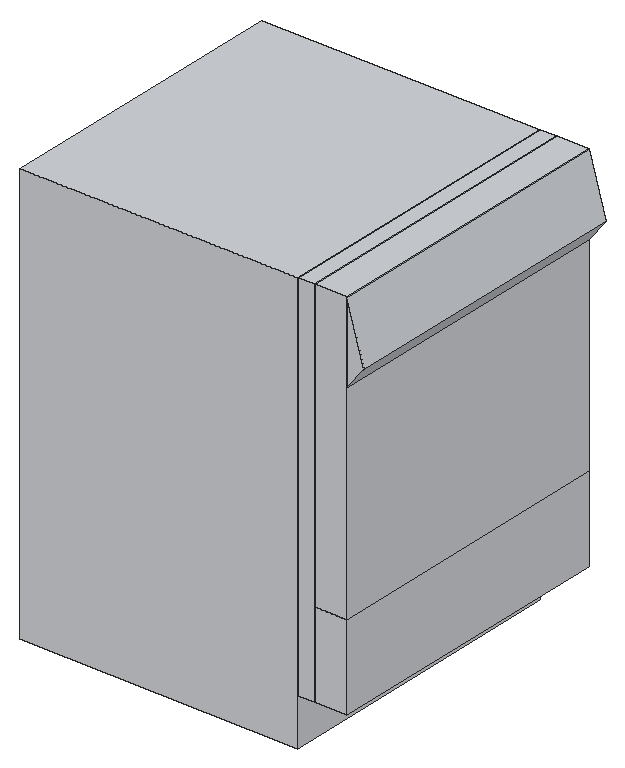
Revit family "M_Lavadora de louças", category Peças hidrossanitárias, Revit 2019
Family settings
  Cota do conector redondo = Usar raio
  Tipo de parte = Normal
  Número OmniClass = 23.45.30.11.11
  Título OmniClass = Residential Dishwashers
  ID de item do Seek = Dishwasher-0000-CAN-ENU
  Com base no plano de trabalho = Não
  Sempre na vertical = Sim
  Corte com vazios quando carregada = Não
  Compartilhado = Não
  Ponto de cálculo do ambiente = Não
Parameters (values of type "660 mmx610 mm")
  Raio do sanitário = 25 mm
  Diâmetro do sanitário = Raio do sanitário * 2  # 50 mm
  WFU = 2
  Voltagem = 120 V
  Largura total = 610 mm
  Comprimento total = 660 mm
  Altura total = 850 mm
  Número de pólos = 1
  Classificação de carga = Eletrodoméstico - Unidade de interrupção
  Raio da água quente = 7.5 mm
  Diâmetro da água quente = Raio da água quente * 2  # 15 mm
  HWFU = 1.4
  HP = "0.5"
  Pressão do fluxo [instance] = 55158.0 Pa
  Material da lavadora de louças = none
  Raio da água gelada = 7.5 mm
  Diâmetro da água gelada = Raio da água gelada * 2  # 15 mm
  CWFU = 0
  Carga aparente = 1090 VA
Reference planes
  plane 1 "Centro (Frente/Trás)": y = 0
  plane 2: z = 0
  plane 3 "Centro (Esquerda/Direita)": x = 0
  plane 4: y = 305
  plane 5: y = -305
  plane 6: x = 560.781
  plane 7: z = 850
  plane 8: z = 95.25
  plane 9: x = 594.119
  plane 10: x = 660
  plane 11: x = 693.338
  plane 12: z = 729.35
  plane 13: z = 685.694
  plane 14: z = 304.8
  plane 15: z = 101.6
  plane 16: y = -200.225
  plane 17: y = -0.2
  plane 18: y = -104.975
  plane 19: y = 98.225
  plane 20: z = 267.494
Forms (mm)
  Extrusion 1, solid, material <- "Material da lavadora de louças"
    sketch origin (0, 0, 0) x (1, 0, 0) y (0, 1, 0)
      loop
        line (0, 305) -> (0, -305) -> (560.781, -305) -> (560.781, 305) -> (0, 305)
    from 0 to 850
  Extrusion 2, solid, material <- "Material da lavadora de louças"
    sketch origin (0, 0, 0) x (1, 0, 0) y (0, 0, 1)
      loop
        line (560.781, 850) -> (560.781, 95.25) -> (594.119, 95.25) -> (594.119, 850) -> (560.781, 850)
    from -305 to 305
  Extrusion 3, solid, material <- "Material da lavadora de louças"
    sketch origin (0, 0, 0) x (1, 0, 0) y (0, 0, 1)
      loop
        line (594.119, 850) -> (594.119, 267.494) -> (660, 267.494) -> (660, 850) -> (594.119, 850)
    from -305 to 305
  Extrusion 4, solid, material <- "Material da lavadora de louças"
    sketch origin (5.95, 0, 0) x (1, 0, 0) y (0, 0, 1)
      loop
        line (654.05, 850) -> (654.05, 685.694) -> (687.388, 729.35) -> (654.05, 850)
    from -305 to 305
  Extrusion 5, solid, material <- "Material da lavadora de louças"
    sketch origin (0, 0, 0) x (0, 1, 0) y (0, 0, 1)
      loop
        circle (-200.225, 101.6) r 50.8
      loop
        circle (-0.2, 101.6) r 50.8
      loop
        circle (-104.975, 304.8) r 50.8
      loop
        circle (98.225, 304.8) r 50.8
    from 0 to 81.632
  Extrusion 6, solid, material <- "Material da lavadora de louças"
    sketch origin (0, 0, 0) x (1, 0, 0) y (0, 0, 1)
      loop
        line (594.119, 267.494) -> (594.119, 95.25) -> (660, 95.25) -> (660, 267.494) -> (594.119, 267.494)
    from -305 to 305
Cuts and joins
  joined: Extrusion 1, Extrusion 5
Dimensions and locks
  equal spacing: plane 4, plane 1 "Centro (Frente/Trás)", plane 5
  "Largura total": plane 4 to plane 5
  "Altura total": plane 7 to plane 2
  locked: plane 9 to plane 6 at 33.337
  "Comprimento total": plane 10 to plane 3 "Centro (Esquerda/Direita)"
  locked: plane 11 to plane 10 at 33.337
  locked: plane 7 to plane 12 at 120.65
  locked: plane 7 to plane 13 at 164.306
  locked: plane 14 to plane 2 at 304.8
  locked: plane 15 to plane 2 at 101.6
  locked: plane 16 to plane 5 at 104.775
  locked: plane 17 to plane 16 at 200.025
  locked: plane 18 to plane 5 at 200.025
  locked: plane 19 to plane 18 at 203.2
  "Comprimento total": plane 3 "Centro (Esquerda/Direita)" to plane 10
  locked: plane 6 to plane 10 at 99.219
  locked: plane 8 to plane 2 at 95.25
  locked: plane 20 to plane 8 at 172.244
  aligned and locked: plane 7 to Extrusion 1
  aligned and locked: Extrusion 1 to plane 2
  aligned and locked: Extrusion 1 to plane 3 "Centro (Esquerda/Direita)"  (x2)
  aligned and locked: plane 6 to Extrusion 1  (x2)
  aligned and locked: plane 4 to Extrusion 1
  aligned and locked: Extrusion 1 to plane 5
  aligned and locked: plane 7 to Extrusion 2
  aligned and locked: Extrusion 2 to plane 8  (x2)
  aligned and locked: Extrusion 2 to plane 6  (x2)
  aligned and locked: plane 9 to Extrusion 2  (x2)
  aligned and locked: plane 4 to Extrusion 2
  aligned and locked: Extrusion 2 to plane 5
  aligned and locked: plane 7 to Extrusion 3
  aligned and locked: Extrusion 3 to plane 9  (x2)
  aligned and locked: plane 4 to Extrusion 3
  aligned and locked: Extrusion 3 to plane 5
  aligned and locked: plane 10 to Extrusion 3
  aligned and locked: Extrusion 4 to plane 10  (x2)
  aligned and locked: plane 11 to Extrusion 4
  aligned and locked: plane 4 to Extrusion 4
  aligned and locked: Extrusion 4 to plane 5
  aligned and locked: plane 14 to Extrusion 5 sketch curve  (x2)
  aligned and locked: plane 18 to Extrusion 5 sketch curve
  aligned and locked: plane 19 to Extrusion 5 sketch curve
  aligned and locked: plane 15 to Extrusion 5 sketch curve  (x2)
  aligned and locked: plane 17 to Extrusion 5 sketch curve
  aligned and locked: plane 16 to Extrusion 5 sketch curve
  aligned and locked: Extrusion 3 to plane 20
  aligned and locked: plane 20 to Extrusion 6
  aligned and locked: Extrusion 6 to plane 8
  aligned and locked: plane 4 to Extrusion 6
  aligned and locked: Extrusion 6 to plane 5
Automatic sketch dimensions
  Extrusion 1 sketch curve to plane 3 "Centro (Esquerda/Direita)" = 0 mm
  Extrusion 1 sketch curve to plane 5 = 0 mm
  Extrusion 1 sketch curve to plane 6 = 0 mm
  Extrusion 1 sketch curve to plane 4 = 0 mm
  Extrusion 2 sketch curve to plane 6 = 0 mm
  Extrusion 2 sketch curve to plane 8 = 0 mm
  Extrusion 2 sketch curve to plane 9 = 0 mm
  Extrusion 2 sketch curve to plane 7 = 0 mm
  plane 8 to Extrusion 3 sketch curve = 172.244 mm
  Extrusion 3 sketch curve to plane 9 = 0 mm
  Extrusion 3 sketch curve to plane 7 = 0 mm
  plane 10 to Extrusion 3 sketch curve = 0 mm
  plane 7 to Extrusion 4 sketch curve = 0 mm
  Extrusion 4 sketch curve to plane 10 = 0 mm
  Extrusion 4 sketch curve to plane 11 = 0 mm
  Extrusion 4 sketch curve to plane 13 = 0 mm
  Extrusion 4 sketch curve to plane 12 = 0 mm
  Extrusion 6 sketch curve to plane 8 = 0 mm
  Extrusion 6 sketch curve to plane 9 = 0 mm
  Extrusion 6 sketch curve to plane 10 = 0 mm
  Extrusion 6 sketch curve to plane 20 = 0 mm
  radius of Extrusion 5 sketch curve = 50.8 mm  (x4)
Connectors
  piping at (0, 98.225, 304.8), diameter 15, driven by "CWFU", driven by "Raio da água gelada", driven by "Pressão do fluxo"
    settings: on Extrusion 5, index 1, connector inside diameter 15 mm, connector length 0 mm, flow factor 0, pipe flow 0.0 L/s, pressure drop 55158.0 Pa, fitting loss kfactor 0, connector angle 0.00°, fixture units 0, engagement length 0 mm, angle of deflection 0.00°, flow configuration 3, flow direction 1, fitting loss method 4, system type 20, joint type 0, gender type 0, connector reference index -1, connector utility 0, adjustable connector no, is connector primary yes, connector description "In"
  piping at (0, -104.975, 304.8), diameter 15, driven by "Raio da água quente", driven by "Pressão do fluxo", driven by "HWFU"
    settings: on Extrusion 5, index 2, connector inside diameter 15 mm, connector length 0 mm, flow factor 0, pipe flow 0.0 L/s, pressure drop 55158.0 Pa, fitting loss kfactor 0, connector angle 0.00°, fixture units 1.4, engagement length 0 mm, angle of deflection 0.00°, flow configuration 3, flow direction 1, fitting loss method 4, system type 19, joint type 0, gender type 0, connector reference index -1, connector utility 0, adjustable connector no, is connector primary no, connector description "In"
  piping at (0, -0.2, 101.6), diameter 50, driven by "WFU", driven by "Raio do sanitário"
    settings: on Extrusion 5, index 3, connector inside diameter 50 mm, connector length 0 mm, flow factor 0, pipe flow 0.0 L/s, pressure drop 0.0 Pa, fitting loss kfactor 0, connector angle 0.00°, fixture units 2, engagement length 0 mm, angle of deflection 0.00°, flow configuration 3, flow direction 2, fitting loss method 0, system type 16, joint type 0, gender type 0, connector reference index -1, connector utility 0, adjustable connector yes, is connector primary no, connector description "Saída"
  electrical at (0, -200.225, 101.6), driven by "Voltagem", driven by "Número de pólos", driven by "Carga aparente", driven by "Classificação de carga"
    settings: on Extrusion 5, index 4, voltage 120 V, apparent load 1090 VA, apparent load phase1 0 VA, apparent load phase2 0 VA, apparent load phase3 0 VA, power factor 0.8, load classification "Eletrodoméstico - Unidade de interrupção", number of poles 1, system type 30, power factor state 1, is connector primary yes, connector utility no, sub classification motor no, connector description ""
